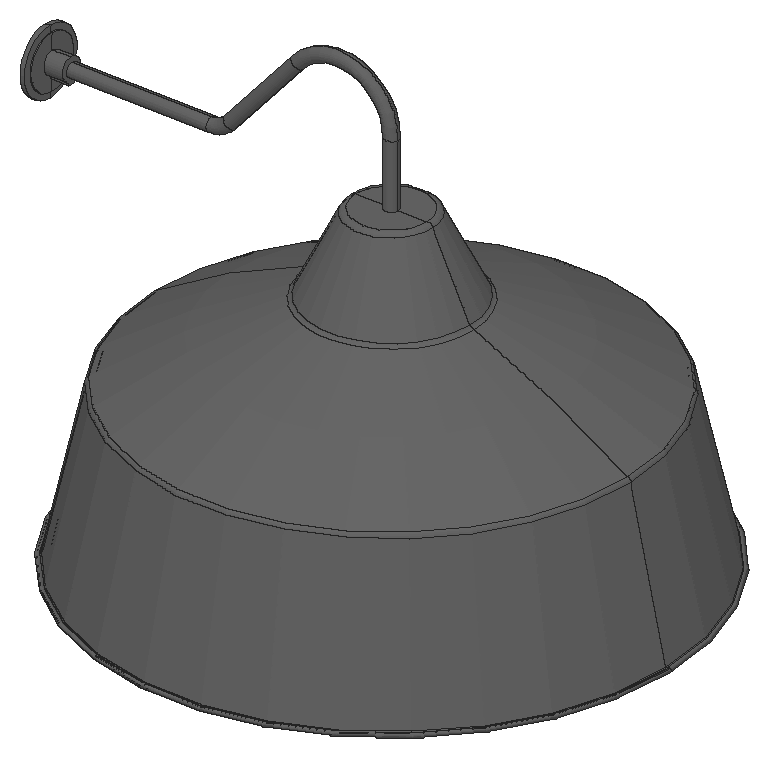
Revit family "OSAB_MB", category Lighting Fixtures, Revit 2020
Family settings
  Round Connector Dimension = Use Diameter
  Part Type = Normal
  OmniClass Number = 23.80.70.00
  OmniClass Title = Lighting
  Work Plane-Based = No
  Always vertical = Yes
  Cut with Voids When Loaded = No
  Light Source = Yes
  Shared = No
  Room Calculation Point = No
Parameters (values of type "OSAB42")
  Weight = "22.0 lb"
  Wattage Comments = "200W"
  Wattage = 2.4 W
  Warranty = "5 year limited warranty"  # constant formula
  built-in parameter 1150110 = 1 (stored number, unit not read)
  Voltage = 277 V
  URL = "https://www.anplighting.com/assets/Uploads/product-attachments/specification-sheets/ANP-Specification-Sheet-RLM-MB-OSAB42.pdf"
  built-in parameter 1114217 = 1 (stored number, unit not read)
  Tilt Angle = 90.00°
  built-in parameter 1150109 = 1 (stored number, unit not read)
  built-in parameter 1150134 = 12
  built-in parameter 1150113 = 1 (stored number, unit not read)
  OSAB42 = yes
  OSAB36 = no
  OSAB24 = no
  Mounting Option [instance] = 2
  Power Factor = 1
  Post Mount [instance] = Mounting Option = 5  # no
  Placement X axis side [instance] = if(Post Mount, 2' 2 15/32", if(Cord or Stem Mount, 0' 0", if(E36 20 inch, 1' 8 1/4", if(E 6 26 inch, 2' 2", if(E7 41 inch, 3' 5 1/4", 0' 1")))))  # 2' - 2"
  Photometric Web File = "OSAB42M037LDNW40K.IES"
  Model = "OSAB42"
  Manufacturer = "ANP Lighting"  # constant formula
  built-in parameter 1150105 = 3000 (stored number, unit not read)
  Lumens = 3000 lm
  built-in parameter 1150115 = 1 (stored number, unit not read)
  Load Classification = Lighting
  Light Source Height [instance] = 0' - 5 55/128"
  built-in parameter 1150137 = (empty or 0)
  built-in parameter 1150139 = (empty or 0)
  Light Elevation_3 [instance] = 0' - 5 55/128"
  Light Elevation _2 [instance] = if(OSAB24, 1' 2 1/256", if(OSAB36, 1' 9", if(OSAB42, 1' 11 125/128", 0' 0")))  # 1' - 11 125/128"
  Light Elevation _1 [instance] = if(Post Mount, 0' 0", if(E7 41 inch, 0' 0", if(E36 20 inch, 0' 1", if(E 6 26 inch, 0' 0.87402", if(Cord or Stem Mount, (0' 3.66142" + Cord Length), 0' 0")))))  # 0' - 0.87402"
  Light Elevation [instance] = if(Post Mount, 14' 0.5315", if(E7 41 inch, 0' 0", 0' 0"))  # 0' - 0"
  Life = "L70 50,000 hours"  # constant formula
  built-in parameter 1150112 = 1 (stored number, unit not read)
  built-in parameter 1150114 = 1 (stored number, unit not read)
  Lamp = "200W MAX MEDIUM BASE"
  Inside body material = INSIDE BODY MATERIAL
  built-in parameter 1150132 = 2
  built-in parameter 1150102 = (empty or 0)
  built-in parameter 1150107 = 4000 (stored number, unit not read)
  built-in parameter 1150138 = (empty or 0)
  built-in parameter 1150106 = 30 (stored number, unit not read)
  GLASS = Glass
  Fixture Height = 2' - 0"
  Fixture Diameter = 3' - 6"
  Efficiency = "65-125 lumens per watt"  # constant formula
  built-in parameter 1150104 = 116.13 (stored number, unit not read)
  E7 41 inch [instance] = Mounting Option = 4  # no
  E36 20 inch [instance] = Mounting Option = 3  # no
  E 6 26 inch [instance] = Mounting Option = 2  # yes
  Dimming Lamp Color Temperature Shift = <None>
  Dimming = "1%"  # constant formula
  Description = "120-277 Voltage"  # constant formula
  Default Elevation = 0' - 0"
  Cord or Stem Mount [instance] = Mounting Option = 1  # no
  Cord Length option [instance] = 10
  Cord Length [instance] = if([2' Cord], 2' 0", if([4' Cord], 4' 0", if([8' Cord], 8' 0", if([10' Cord], 10' 0", if([6' Cord], 6' 0", 6' 0")))))  # 10' - 0"
  Construction Material = "Heavy Duty spun aluminum."  # constant formula
  Color Filter = 16777215
  CRI = ">90"  # constant formula
  Bulb = BULB
  Body Material = body
  Body Colour = "Spun aluminium"  # constant formula
  built-in parameter 1114218 = 1 (stored number, unit not read)
  built-in parameter 1150133 = 10 (stored number, unit not read)
  Apparent Load = 200 VA
  8' Cord [instance] = Cord Length option = 8  # no
  6' Cord [instance] = Cord Length option = 6  # no
  4' Cord [instance] = Cord Length option = 4  # no
  2' Cord [instance] = Cord Length option = 2  # no
  10' Cord [instance] = Cord Length option = 10  # yes
Types (4): name | Weight | URL | OSAB42 | OSAB36 | OSAB24 | Model | Light Elevation _2 | Fixture Height | Fixture Diameter
  (no name) | "22.0 lb" | "https://www.anplighting.com/assets/Uploads/product-attachments/specification-sheets/ANP-Specification-Sheet-RLM-MB-OSAB42.pdf" | yes | no | no | "OSAB42" | 1' - 11 125/128" | 2' - 0" | 3' - 6"
  OSAB24 | "10.5 lb" | "https://www.anplighting.com/assets/Uploads/product-attachments/specification-sheets/ANP-Specification-Sheet-RLM-MB-OSAB24.pdf" | no | no | yes | "OSAB24" | 1' - 2 1/256" | 1' - 2" | 2' - 0"
  OSAB36 | "19.0 lb" | "https://www.anplighting.com/assets/Uploads/product-attachments/specification-sheets/ANP-Specification-Sheet-RLM-MB-OSAB36.pdf" | no | yes | no | "OSAB36" | 1' - 9" | 1' - 9" | 3' - 0"
  OSAB42 | "22.0 lb" | "https://www.anplighting.com/assets/Uploads/product-attachments/specification-sheets/ANP-Specification-Sheet-RLM-MB-OSAB42.pdf" | yes | no | no | "OSAB42" | 1' - 11 125/128" | 2' - 0" | 3' - 6"
Reference planes (in)
  plane 1 "Light Source Axis (F/B)": y = 0
  plane 2: z = 0
  plane 3 "Light Source Axis (L/R)": x = 0
  plane 4 "Light Source Elevation": z = 0
  plane 5: z = 0
  plane 6: x = 26
  plane 7 "Bulb Position": z = -19.42089
  plane 8 "Canopy Position": z = -0.87402
  plane 9 "IES": z = -24.85058
  plane 10: z = -24.85058
Dimensions and locks (in)
  "Light Elevation": plane 5 to plane 2
  "Placement X axis side": plane 6 to plane 3 "Light Source Axis (L/R)"
  "Light Elevation _1": plane 5 to plane 8 "Canopy Position"
  "Light Source Height": plane 7 "Bulb Position" to plane 9 "IES"
  locked: plane 4 "Light Source Elevation" to plane 2
  "Light Elevation _2": plane 8 "Canopy Position" to plane 10
  "Light Elevation_3": plane 7 "Bulb Position" to plane 10
  aligned and locked: level to plane 2
  aligned and locked: plane 1 "Light Source Axis (F/B)" to nested 5
  aligned and locked: nested 5 to plane 2
  aligned and locked: nested 1 to plane 3 "Light Source Axis (L/R)"
  aligned and locked: plane 3 "Light Source Axis (L/R)" to nested 2
  aligned and locked: plane 3 "Light Source Axis (L/R)" to nested 4
  aligned and locked: nested 3 to plane 5
  aligned and locked: plane 3 "Light Source Axis (L/R)" to nested 3
  aligned and locked: plane 3 "Light Source Axis (L/R)" to nested 5
  aligned and locked: plane 1 "Light Source Axis (F/B)" to nested 2
  aligned and locked: plane 1 "Light Source Axis (F/B)" to nested 1
  aligned and locked: plane 1 "Light Source Axis (F/B)" to nested 4
  aligned and locked: plane 1 "Light Source Axis (F/B)" to nested 3
  aligned and locked: plane 2 to nested 1
  aligned and locked: plane 2 to nested 2
  aligned and locked: nested 4 to plane 2
  aligned and locked: imposter light to plane 9 "IES"
  aligned and locked: plane 6 to imposter light
  aligned and locked: plane 1 "Light Source Axis (F/B)" to nested 6
  aligned and locked: plane 1 "Light Source Axis (F/B)" to nested 7
  aligned and locked: plane 1 "Light Source Axis (F/B)" to nested 8
  aligned and locked: nested 6 to plane 8 "Canopy Position"
  aligned and locked: nested 7 to plane 8 "Canopy Position"
  aligned and locked: plane 8 "Canopy Position" to nested 8
  aligned and locked: plane 6 to nested 6
  aligned and locked: plane 6 to nested 7
  aligned and locked: plane 6 to nested 8
Nested families (in)
  nested 1: "CORD OR STEM MOUNT" at (0, 0, -123.67), visible <- "Cord or Stem Mount", Cord or Stem Mount <- "Cord or Stem Mount", Body Material <- "Body Material", Light Elevation <- "Light Elevation", Cord Length <- "Cord Length", 10' Cord <- "10' Cord", 2' Cord <- "2' Cord", 4' Cord <- "4' Cord", 6' Cord <- "6' Cord", 8' Cord <- "8' Cord", type "CORD OR STEM MOUNT"
    with Light Elevation 0' - 0", Cord or Stem Mount no, Cord Length 10' - 0", Body Material body, 8' Cord no, 6' Cord no, 4' Cord no, 2' Cord no, 10' Cord yes
  nested 2: "E6 26 INCH" at (26, 0, 0), visible <- "E 6 26 inch", Chain Length <- "Cord Length", E 6 26 inch <- "E 6 26 inch", Placement X axis side <- "Placement X axis side", Body Material <- "Body Material", Light Elevation <- "Light Elevation", type "E6 26 INCH"
    with Placement X axis side 2' - 2", Light Elevation 0' - 0", E 6 26 inch yes, Chain Length 10' - 0", Body Material body
  nested 3: "E7 41 INCH" at (26, 0, 0), Chain Length <- "Cord Length", visible <- "E7 41 inch", E7 41 inch <- "E7 41 inch", Placement X axis side <- "Placement X axis side", Body Material <- "Body Material", Light Elevation <- "Light Elevation", type "E7 41 INCH"
    with Placement X axis side 2' - 2", Light Elevation 0' - 0", E7 41 inch no, Chain Length 10' - 0", Body Material body
  nested 4: "E36 20 INCH" at (26, 0, 0), visible <- "E36 20 inch", E36 20 inch <- "E36 20 inch", Placement X axis side <- "Placement X axis side", Chain Length <- "Cord Length", Body Material <- "Body Material", Light Elevation <- "Light Elevation", type "E36 20 INCH"
    with Placement X axis side 2' - 2", Light Elevation 0' - 0", E36 20 inch no, Chain Length 10' - 0", Body Material body
  nested 5: "POST MOUNT" at (26, 0, 0), visible <- "Post Mount", Post Mount <- "Post Mount", Placement X axis side <- "Placement X axis side", Chain Length <- "Cord Length", Body Material <- "Body Material", Light Elevation <- "Light Elevation", type "POST MOUNT"
    with Post Mount no, Placement X axis side 2' - 2", Light Elevation 0' - 0", Chain Length 10' - 0", Body Material body
  nested 6: "OSAB24" at (26, 0, -0.87402), OSAB24 <- "OSAB24", visible <- "OSAB24", Body <- "Body Material", Bulb <- "Bulb", INSIDE BODY <- "Inside body material", Light Elevation <- "Light Elevation", type "OSAB24"
    with OSAB24 no, Light Elevation 0' - 0", INSIDE BODY INSIDE BODY MATERIAL, Bulb BULB, Body body
  nested 7: "OSAB36" at (26, 0, -0.87402), INSIDE BODY <- "Inside body material", Bulb <- "Bulb", Body <- "Body Material", visible <- "OSAB36", OSAB36 <- "OSAB36", type "OSAB36"
    with OSAB36 no, INSIDE BODY INSIDE BODY MATERIAL, Bulb BULB, Body body
  nested 8: "OSAB42 A" at (26, 0, -0.87402), visible <- "OSAB42", Body <- "Body Material", Bulb <- "Bulb", INSIDE BODY <- "Inside body material", Light Elevation <- "Light Elevation", OSAB42 <- "OSAB42", type "OSAB42 A"
    with OSAB42 yes, Light Elevation 0' - 0", INSIDE BODY INSIDE BODY MATERIAL, Bulb BULB, Body body
Definition of nested family "E6 26 INCH"
  Parameters (values of type "E6 26 INCH")
    URL = ""
    Placement X axis side [instance] = 2' - 2"
    Model = ""
    Manufacturer = ""
    Light Elevation [instance] = 8' - 4"
    E 6 26 inch [instance] = yes
    Default Elevation = 0' - 0"
    Chain Length [instance] = 0' - 0"
    Body Material [instance] = none
  Reference planes (in)
    plane 1 "Light Source Axis (F/B)": y = 0
    plane 2: z = 0
    plane 3 "Light Source Axis (L/R)": x = 0
    plane 4 "Light Source Elevation": z = 23.125
    plane 5: z = 100
    plane 6: x = -26
    plane 7: z = 99.125
    plane 8: x = -24.12
    plane 9: x = -25.5474
  Forms (in)
    Extrusion 1, void, not visible
      sketch origin (0, 0, 2.38154) x (1, 0, 0) y (0, 0, 1)
        loop
          circle (0, 4.59925) r 0.16583
      from 1.18594 to 1.75
    Extrusion 2, void, not visible
      sketch origin (0, 0, 2.38154) x (0.707107, -0.707107, 0) y (0, 0, 1)
        loop
          circle (0, 4.59925) r 0.16583
      from 1.18594 to 1.75
    Extrusion 3, void, not visible
      sketch origin (0, 0, 2.38154) x (0.707107, 0.707107, 0) y (0, 0, 1)
        loop
          circle (0, 4.59925) r 0.16583
      from 1.18594 to 1.75
    Extrusion 4, void, not visible
      sketch origin (0, 0, 2.38154) x (0, 1, 0) y (0, 0, 1)
        loop
          circle (0, 4.59925) r 0.16583
      from 1.18594 to 1.75
    Extrusion 5, void, not visible
      sketch origin (0, 0, 2.38154) x (-0.707107, 0.707107, 0) y (0, 0, 1)
        loop
          circle (0, 4.59925) r 0.16583
      from 1.18594 to 1.75
    Extrusion 6, void, not visible
      sketch origin (0, 0, 2.38154) x (-1, 0, 0) y (0, 0, 1)
        loop
          circle (0, 4.59925) r 0.20678
      from 1.18594 to 1.75
    Extrusion 7, void, not visible
      sketch origin (0, 0, 2.38154) x (-0.707107, -0.707107, 0) y (0, 0, 1)
        loop
          circle (0, 4.59925) r 0.16583
      from 1.18594 to 1.75
    Extrusion 8, void, not visible
      sketch origin (0, 0, 2.38154) x (0, -1, 0) y (0, 0, 1)
        loop
          circle (0, 4.59925) r 0.16583
      from 1.18594 to 1.75
    Sweep 9, solid, material <- "Body Material", visible <- "E 6 26 inch"
      path origin (-41.25, 0, 168.51693) x (1, 0, 0) y (0, 0, 1)
        loop
          line (17.13, -68.51693) -> (27.68551, -68.51693)
          arc (27.68551, -68.51693) -> (28.47996, -68.34486) -> (29.13202, -67.8595) r 1.92004
          line (29.13202, -67.8595) -> (34.23651, -62.01155)
          arc (34.23651, -62.01155) -> (38.65464, -60.89667) -> (41.25, -64.64193) r 4
          line (41.25, -64.64193) -> (41.25, -69.39193)
      profile origin (-18.84224, 0, 100) x (0, 0, 1) y (0, -1, 0)
        loop
          circle (0, 0) r 0.5
    Revolve 10, solid, material <- "Body Material", visible <- "E 6 26 inch"
      sketch origin (-26, 0, 168.51693) x (1, 0, 0) y (0, 0, 1)
        loop
          line (0, -66.07943) -> (0, -68.51693) -> (1.88, -68.51693) -> (1.88, -67.69272) -> (0.4526, -67.69272) -> (0.4526, -66.54122) -> (0.33125, -66.54122) -> (0.33125, -66.07943) -> (0, -66.07943)
        axis (0, -68.51693) -> (1.88, -68.51693)
      angle from 0 to 360
    Extrusion 11, solid, material <- "Body Material", visible <- "E 6 26 inch"
      sketch origin (-26, 0, 168.51693) x (0, -1, 0) y (0, 0, -1)
        loop
          line (0.25, 68.51693) -> (0.25, 69.51693) -> (-0.25, 69.51693) -> (-0.25, 68.51693) -> (0.25, 68.51693)
      from 0.4526 to 1.88
  Cuts and joins
    joined: Revolve 10, Extrusion 11
  Dimensions and locks (in)
    "Light Elevation": plane 5 to plane 2
    "Placement X axis side": plane 3 "Light Source Axis (L/R)" to plane 6
    locked: plane 5 to plane 7 at 0.875
    Revolve 10 sketch curve to Revolve 10 sketch curve to Revolve 10 sketch curve to plane 6 = 0' - 1.4274" locked, 0' - 0.12135" locked, 0' - 0.33125" locked
    Revolve 10 sketch curve to Revolve 10 sketch curve to Revolve 10 sketch curve to plane 5 = 0' - 0.46179" locked, 0' - 1.1515" locked, 0' - 0 211/256" locked
    locked: Sweep 9 sketch curve to plane 6 at 1.88
    locked: Sweep 9 sketch curve to Sweep 9 sketch curve at 10.55551
    locked: Sweep 9 sketch curve to Sweep 9 sketch curve at 13.56449
    locked: Sweep 9 sketch curve to Sweep 9 sketch curve at 4.75
    locked: plane 9 to plane 6 at 0.4526
    locked: plane 8 to plane 9 at 1.4274
    aligned and locked: level to plane 2
    aligned and locked: Revolve 10 sketch curve to plane 6
    aligned and locked: plane 5 to Revolve 10 sketch curve
    aligned and locked: Revolve 10 sketch curve to plane 5
    aligned and locked: cut or joined group of Revolve 10, Extrusion 11 to plane 9
    aligned and locked: plane 8 to cut or joined group of Revolve 10, Extrusion 11
  Automatic sketch dimensions
    Sweep 9 sketch curve to plane 5 = 0' - 0"
    Sweep 9 sketch curve to Sweep 9 sketch curve = 0' - 4"
    Sweep 9 sketch curve to Sweep 9 sketch curve = 0' - 3.01349"
    plane 5 to Sweep 9 sketch curve = 0' - 0.65743"
    Sweep 9 sketch curve to Sweep 9 sketch curve = 0' - 1.4465"
    Sweep 9 sketch curve to plane 5 = 0' - 0 7/8"
    profile plane to Sweep 9 sketch curve = 0' - 0"
    Sweep 9 sketch curve to profile plane = 0' - 0"
    plane 6 to Revolve 10 sketch curve = 0' - 0.62562"
    Revolve 10 sketch curve to Revolve 10 sketch curve = 0' - 0 1/2"
    Extrusion 11 sketch curve to plane 5 = 0' - 0"
    plane 1 "Light Source Axis (F/B)" to Extrusion 11 sketch curve = 0' - 0 1/4"
    Extrusion 11 sketch curve to plane 1 "Light Source Axis (F/B)" = 0' - 0 1/4"
    plane 5 to Extrusion 11 sketch curve = 0' - 1"
    radius of Sweep 9 sketch curve = 0' - 0 1/2"
Definition of nested family "OSAB42 A"
  Parameters (values of type "OSAB42 A")
    OSAB42 [instance] = yes
    Light Elevation [instance] = 0' - 0"
    INSIDE BODY [instance] = none
    Default Elevation = 0' - 0"
    Bulb [instance] = none
    Body [instance] = none
  Reference planes (in)
    plane 1 "Center (Front/Back)": y = 0
    plane 2: z = 0
    plane 3 "Center (Left/Right)": x = 0
    plane 4: z = 0
  Dimensions and locks (in)
    "Light Elevation": plane 4 to plane 2
    aligned and locked: plane 2 to level
    aligned and locked: plane 3 "Center (Left/Right)" to nested 1
    aligned and locked: plane 1 "Center (Front/Back)" to nested 1
    aligned and locked: nested 1 to plane 4
  Nested families (in)
    nested 1: "OSAB42" at (0, 0, -23.99963), Body <- "Body", visible <- "OSAB42", OSAB42 <- "OSAB42", Bulb <- "Bulb", INSIDE BODY <- "INSIDE BODY", type "OSAB42"
      with OSAB42 yes, Body none
  Definition of nested family "OSAB42"
    Parameters (values of type "OSAB42")
      OSAB42 [instance] = yes
      INSIDE BODY [instance] = none
      Default Elevation = 0' - 0"
      Bulb [instance] = none
      Body [instance] = none
    Reference planes (in)
      plane 1 "Center (Front/Back)": y = 0
      plane 2: z = 0
      plane 3 "Center (Left/Right)": x = 0
    Forms (in)
      Revolve 1, solid, material <- "Body", visible <- "OSAB42"
        sketch origin (0, 0, 0) x (1, 0, 0) y (0, 0, 1)
          loop
            line (-0.13002, 23.92151) -> (-0.13002, 23.99963) -> (-2.67653, 23.99963)
            arc (-2.67653, 23.99963) -> (-2.9394, 23.92496) -> (-3.12375, 23.72324) r 0.5
            line (-3.12375, 23.72324) -> (-5.89732, 18.17609)
            arc (-5.89732, 18.17609) -> (-6.01093, 18.02726) -> (-6.17132, 17.93066) r 0.5
            arc (-6.17132, 17.93066) -> (-12.14773, 15.34703) -> (-17.80899, 12.13103) r 60
            arc (-17.80899, 12.13103) -> (-17.94813, 11.99745) -> (-18.02636, 11.82115) r 0.5
            line (-18.02636, 11.82115) -> (-20.64594, 0.2966)
            arc (-20.64594, 0.2966) -> (-20.71106, 0.16619) -> (-20.82896, 0.08048) r 0.30716
            arc (-20.82896, 0.08048) -> (-20.90241, 0.16536) -> (-20.79213, 0.18627) r 0.06476
            line (-20.79213, 0.18627) -> (-20.73681, 0.24158)
            arc (-20.73681, 0.24158) -> (-20.97843, 0.18402) -> (-20.80551, 0.00572) r 0.14289
            arc (-20.80551, 0.00572) -> (-20.6536, 0.11317) -> (-20.56976, 0.27929) r 0.38528
            line (-20.56976, 0.27929) -> (-17.95018, 11.80383)
            arc (-17.95018, 11.80383) -> (-17.88417, 11.95259) -> (-17.76677, 12.0653) r 0.42188
            arc (-17.76677, 12.0653) -> (-12.11288, 15.27711) -> (-6.14426, 17.85737) r 59.92187
            arc (-6.14426, 17.85737) -> (-5.95881, 17.96907) -> (-5.82744, 18.14115) r 0.57812
            line (-5.82744, 18.14115) -> (-3.05387, 23.6883)
            arc (-3.05387, 23.6883) -> (-2.89833, 23.8585) -> (-2.67653, 23.92151) r 0.42188
            line (-2.67653, 23.92151) -> (-0.13002, 23.92151)
          axis (0, 23.99963) -> (0, 0.00572)
        angle from 0 to 360
      Revolve 2, solid, material <- "INSIDE BODY", visible <- "OSAB42"
        sketch origin (0, 0, 0) x (1, 0, 0) y (0, 0, 1)
          loop
            line (5.8036, 17.88218) -> (5.8036, 17.77496)
            arc (5.8036, 17.77496) -> (11.62062, 15.20582) -> (17.17455, 12.10874) r 68.55526
            arc (17.17455, 12.10874) -> (17.39107, 11.99066) -> (17.55049, 11.80248) r 0.67277
            line (17.55049, 11.80248) -> (20.09653, 0.19408) -> (20.19891, 0.19408) -> (17.64502, 11.83826)
            arc (17.64502, 11.83826) -> (17.4651, 12.05917) -> (17.21736, 12.19986) r 0.77277
            arc (17.21736, 12.19986) -> (11.64267, 15.30655) -> (5.8036, 17.88218) r 68.65526
          axis (0, 0.19408) -> (0, 17.88218)
        angle from 0 to 360
      Revolve 3, solid, material <- "Bulb", visible <- "OSAB42"
        sketch origin (0, 0, -0.00781) x (1, 0, 0) y (0, 0, 1)
          loop
            line (0, 16.00572) -> (0.39063, 16.00572) -> (0.39063, 17.00572) -> (0.15625, 17.00572) -> (0.15625, 17.25572) -> (6.65625, 17.25572) -> (6.65625, 17.37583) -> (0, 17.37583) -> (0, 16.00572)
          axis (0, 16.00572) -> (0, 17.37583)
        angle from 0 to 360
    Dimensions and locks (in)
      Revolve 3 to plane 2 = 1' - 3.99791"
      aligned and locked: plane 2 to level
Definition of nested family "CORD OR STEM MOUNT"
  Parameters (values of type "CORD OR STEM MOUNT")
    URL = ""
    Model = ""
    Manufacturer = ""
    Light Elevation [instance] = 1' - 7.69"
    Default Elevation = 0' - 0"
    Cord or Stem Mount [instance] = yes
    Cord Length [instance] = 6' - 0"
    Body Material [instance] = none
    8' Cord [instance] = no
    6' Cord [instance] = no
    4' Cord [instance] = no
    2' Cord [instance] = no
    10' Cord [instance] = no
  Reference planes (in)
    plane 1 "Light Source Axis (F/B)": y = 0
    plane 2: z = 0
    plane 3 "Light Source Axis (L/R)": x = 0
    plane 4 "Light Source Elevation": z = 23.125
    plane 5: z = 91.69
    plane 6: z = 19.69
  Forms (in)
    Extrusion 1, void, not visible
      sketch origin (0, 0, 2.38154) x (1, 0, 0) y (0, 0, 1)
        loop
          circle (0, 4.59925) r 0.16583
      from 1.18594 to 1.75
    Extrusion 2, void, not visible
      sketch origin (0, 0, 2.38154) x (0.707107, -0.707107, 0) y (0, 0, 1)
        loop
          circle (0, 4.59925) r 0.16583
      from 1.18594 to 1.75
    Extrusion 3, void, not visible
      sketch origin (0, 0, 2.38154) x (0.707107, 0.707107, 0) y (0, 0, 1)
        loop
          circle (0, 4.59925) r 0.16583
      from 1.18594 to 1.75
    Extrusion 4, void, not visible
      sketch origin (0, 0, 2.38154) x (0, 1, 0) y (0, 0, 1)
        loop
          circle (0, 4.59925) r 0.16583
      from 1.18594 to 1.75
    Extrusion 5, void, not visible
      sketch origin (0, 0, 2.38154) x (-0.707107, 0.707107, 0) y (0, 0, 1)
        loop
          circle (0, 4.59925) r 0.16583
      from 1.18594 to 1.75
    Extrusion 6, void, not visible
      sketch origin (0, 0, 2.38154) x (-1, 0, 0) y (0, 0, 1)
        loop
          circle (0, 4.59925) r 0.20678
      from 1.18594 to 1.75
    Extrusion 7, void, not visible
      sketch origin (0, 0, 2.38154) x (-0.707107, -0.707107, 0) y (0, 0, 1)
        loop
          circle (0, 4.59925) r 0.16583
      from 1.18594 to 1.75
    Extrusion 8, void, not visible
      sketch origin (0, 0, 2.38154) x (0, -1, 0) y (0, 0, 1)
        loop
          circle (0, 4.59925) r 0.16583
      from 1.18594 to 1.75
    Revolve 9, solid, material <- "Body Material", visible <- "Cord or Stem Mount"
      sketch origin (0, 0, 174.56698) x (1, 0, 0) y (0, 0, 1)
        loop
          line (2.6875, -79.20698) -> (0, -79.20698) -> (0, -82.87698) -> (0.125, -82.87698) -> (0.125, -82.83698) -> (0.75, -82.83698)
          arc (0.75, -82.83698) -> (0.81694, -82.77004) -> (0.75, -82.7031) r 0.06694
          line (0.75, -82.7031) -> (0.89763, -82.7031) -> (1.00223, -82.5985) -> (1.06587, -82.5985)
          arc (1.06587, -82.5985) -> (1.80099, -82.29401) -> (2.10549, -81.55888) r 1.03962
          line (2.10549, -81.55888) -> (2.10549, -81.03899)
          arc (2.10549, -81.03899) -> (2.12951, -80.981) -> (2.1875, -80.95698) r 0.08201
          line (2.1875, -80.95698) -> (2.1875, -80.70698) -> (2.6875, -80.70698) -> (2.6875, -79.20698)
        axis (0, -79.20698) -> (0, -82.87698)
      angle from 0 to 360
    Revolve 10, solid, material <- "Body Material", visible <- "Cord or Stem Mount"
      sketch origin (0, 0, 0) x (1, 0, 0) y (0, 0, 1)
        loop
          line (0, 91.69) -> (-0.125, 91.69) -> (-0.125, 19.69) -> (0, 19.69) -> (0, 91.69)
        axis (0, 19.69) -> (0, 91.69)
      angle from 0 to 360
  Dimensions and locks (in)
    "Light Elevation": plane 6 to plane 2
    "Cord Length": plane 5 to plane 6
    locked: Revolve 10 sketch curve to Revolve 10 sketch curve at 0.125
    aligned and locked: level to plane 2
    aligned and locked: Revolve 10 sketch curve to plane 3 "Light Source Axis (L/R)"
    aligned and locked: Revolve 10 sketch curve to plane 6
    aligned and locked: Revolve 10 sketch curve to plane 5
    aligned and locked: plane 3 "Light Source Axis (L/R)" to Revolve 10 sketch curve
  Automatic sketch dimensions
    Revolve 9 sketch curve to plane 3 "Light Source Axis (L/R)" = 0' - 0"  (x2)
    Revolve 9 sketch curve to plane 5 = 0' - 0"
    plane 3 "Light Source Axis (L/R)" to Revolve 9 sketch curve = 0' - 0 1/8"
    Revolve 9 sketch curve to plane 5 = 0' - 0.17388"
    Revolve 9 sketch curve to Revolve 9 sketch curve = 0' - 0 5/8"
    Revolve 9 sketch curve to Revolve 9 sketch curve = 0' - 0.14763"
    Revolve 9 sketch curve to plane 5 = 0' - 0.27847"
    Revolve 9 sketch curve to Revolve 9 sketch curve = 0' - 0.1046"
    Revolve 9 sketch curve to Revolve 9 sketch curve = 0' - 0.06364"
    Revolve 9 sketch curve to Revolve 9 sketch curve = 0' - 1.03962"
    Revolve 9 sketch curve to Revolve 9 sketch curve = 0' - 0 21/256"
    Revolve 9 sketch curve to Revolve 9 sketch curve = 0' - 0 1/2"  (x2)
    Revolve 9 sketch curve to Revolve 9 sketch curve = 0' - 0.51989"
    Revolve 9 sketch curve to Revolve 9 sketch curve = 0' - 0 1/4"
    Revolve 9 sketch curve to Revolve 9 sketch curve = 0' - 2.3519"
    Revolve 9 sketch curve to Revolve 9 sketch curve = 0' - 1 1/4"
    Revolve 9 sketch curve to Revolve 9 sketch curve = 0' - 0.04"
    Revolve 10 sketch curve to Revolve 10 sketch curve = 0' - 0 1/2"
    Revolve 10 sketch curve to Revolve 10 sketch curve = 0' - 0.42345"
Definition of nested family "E7 41 INCH"
  Parameters (values of type "E7 41 INCH")
    URL = ""
    Placement X axis side [instance] = 4' - 2"
    Model = ""
    Manufacturer = ""
    Light Elevation [instance] = 8' - 4"
    E7 41 inch [instance] = yes
    Default Elevation = 0' - 0"
    Chain Length [instance] = 0' - 0"
    Body Material [instance] = none
  Reference planes (in)
    plane 1 "Light Source Axis (F/B)": y = 0
    plane 2: z = 0
    plane 3 "Light Source Axis (L/R)": x = 0
    plane 4 "Light Source Elevation": z = 23.125
    plane 5: z = 100
    plane 6: x = -50
  Forms (in)
    Extrusion 1, void, not visible
      sketch origin (0, 0, 2.38154) x (1, 0, 0) y (0, 0, 1)
        loop
          circle (0, 4.59925) r 0.16583
      from 1.18594 to 1.75
    Extrusion 2, void, not visible
      sketch origin (0, 0, 2.38154) x (0.707107, -0.707107, 0) y (0, 0, 1)
        loop
          circle (0, 4.59925) r 0.16583
      from 1.18594 to 1.75
    Extrusion 3, void, not visible
      sketch origin (0, 0, 2.38154) x (0.707107, 0.707107, 0) y (0, 0, 1)
        loop
          circle (0, 4.59925) r 0.16583
      from 1.18594 to 1.75
    Extrusion 4, void, not visible
      sketch origin (0, 0, 2.38154) x (0, 1, 0) y (0, 0, 1)
        loop
          circle (0, 4.59925) r 0.16583
      from 1.18594 to 1.75
    Extrusion 5, void, not visible
      sketch origin (0, 0, 2.38154) x (-0.707107, 0.707107, 0) y (0, 0, 1)
        loop
          circle (0, 4.59925) r 0.16583
      from 1.18594 to 1.75
    Extrusion 6, void, not visible
      sketch origin (0, 0, 2.38154) x (-1, 0, 0) y (0, 0, 1)
        loop
          circle (0, 4.59925) r 0.20678
      from 1.18594 to 1.75
    Extrusion 7, void, not visible
      sketch origin (0, 0, 2.38154) x (-0.707107, -0.707107, 0) y (0, 0, 1)
        loop
          circle (0, 4.59925) r 0.16583
      from 1.18594 to 1.75
    Extrusion 8, void, not visible
      sketch origin (0, 0, 2.38154) x (0, -1, 0) y (0, 0, 1)
        loop
          circle (0, 4.59925) r 0.16583
      from 1.18594 to 1.75
    Revolve 9, solid, material <- "Body Material", visible <- "E7 41 inch"
      sketch origin (-41.25, 0, 168.39193) x (1, 0, 0) y (0, 0, 1)
        loop
          line (-8.75, -66.20443) -> (-8.75, -68.51693) -> (-6.87, -68.51693) -> (-6.87, -67.69272) -> (-8.2974, -67.69272) -> (-8.2974, -66.54122) -> (-8.41875, -66.54122) -> (-8.41875, -66.20443) -> (-8.75, -66.20443)
        axis (-8.75, -68.51693) -> (-6.87, -68.51693)
      angle from 0 to 360
    Extrusion 10, solid, material <- "Body Material", visible <- "E7 41 inch"
      sketch origin (-41.25, 0, 168.39193) x (0, -1, 0) y (0, 0, -1)
        loop
          line (0.25, 68.51693) -> (0.25, 69.51693) -> (-0.25, 69.51693) -> (-0.25, 68.51693) -> (0.25, 68.51693)
      from -8.2974 to -6.87
    Sweep 11, solid, material <- "Body Material", visible <- "E7 41 inch"
      path origin (-41.25, 0, 168.39193) x (1, 0, 0) y (0, 0, 1)
        loop
          line (-6.87, -68.51693) -> (16.04011, -68.51693)
          arc (16.04011, -68.51693) -> (17.864, -68.13651) -> (19.38375, -67.0587) r 4.5625
          line (19.38375, -67.0587) -> (24.70217, -61.33018)
          arc (24.70217, -61.33018) -> (29.64465, -60.20324) -> (32.5, -64.39193) r 4.5
          line (32.5, -64.39193) -> (32.5, -68.39193)
      profile origin (-36.66494, 0, 99.875) x (0, 0, 1) y (0, -1, 0)
        loop
          circle (0, 0) r 0.5
  Dimensions and locks (in)
    "Placement X axis side": plane 3 "Light Source Axis (L/R)" to plane 6
    "Light Elevation": plane 5 to plane 2
    locked: Revolve 9 sketch curve to Revolve 9 sketch curve at 0.33125
    locked: Revolve 9 sketch curve to Revolve 9 sketch curve at 0.4526
    locked: Revolve 9 sketch curve to Revolve 9 sketch curve at 1.88
    locked: Revolve 9 sketch curve to Revolve 9 sketch curve at 0.82421
    locked: Revolve 9 sketch curve to Revolve 9 sketch curve at 1.1515
    locked: Revolve 9 sketch curve to Revolve 9 sketch curve at 0.33679
    locked: plane 5 to Revolve 9 sketch curve at 0.125
    locked: Extrusion 10 sketch curve to Extrusion 10 sketch curve at 0.5
    locked: Extrusion 10 sketch curve to Extrusion 10 sketch curve at 1
    locked: plane 5 to Extrusion 10 sketch curve at 0.125
    locked: plane 5 to Sweep 11 sketch curve at 0.125
    locked: Sweep 11 sketch curve to Sweep 11 sketch curve at 39.37
    locked: Sweep 11 sketch curve to Sweep 11 sketch curve at 4
    locked: plane 6 to Extrusion 10 at 0.4526
    locked: Sweep 11 sketch curve to plane 6 at 1.88
    locked: Extrusion 10 to Extrusion 10 at 1.4274
    aligned and locked: plane 2 to level
    aligned and locked: Revolve 9 sketch curve to plane 6
  Automatic sketch dimensions
    Revolve 9 sketch curve to plane 5 = 0' - 0 1/8"
    plane 6 to Revolve 9 sketch curve = 0' - 0.62562"
    Revolve 9 sketch curve to Revolve 9 sketch curve = 0' - 0 1/2"
    plane 1 "Light Source Axis (F/B)" to Extrusion 10 sketch curve = 0' - 0 1/4"
    Sweep 11 sketch curve to plane 5 = 0' - 0"
    Sweep 11 sketch curve to Sweep 11 sketch curve = 0' - 4 1/2"
    Sweep 11 sketch curve to Sweep 11 sketch curve = 0' - 3.29783"
    plane 5 to Sweep 11 sketch curve = 0' - 1.33323"
    Sweep 11 sketch curve to Sweep 11 sketch curve = 0' - 5.31842"
    Sweep 11 sketch curve to Sweep 11 sketch curve = 0' - 3.34364"
    profile plane to Sweep 11 sketch curve = 0' - 0"
    Sweep 11 sketch curve to profile plane = 0' - 0"
    radius of Sweep 11 sketch curve = 0' - 0 1/2"
Definition of nested family "E36 20 INCH"
  Parameters (values of type "E36 20 INCH")
    URL = ""
    Placement X axis side [instance] = 1' - 8 1/4"
    Model = ""
    Manufacturer = ""
    Light Elevation [instance] = 8' - 4"
    E36 20 inch [instance] = yes
    Default Elevation = 0' - 0"
    Chain Length [instance] = 0' - 0"
    Body Material [instance] = none
  Reference planes (in)
    plane 1 "Light Source Axis (F/B)": y = 0
    plane 2: z = 0
    plane 3 "Light Source Axis (L/R)": x = 0
    plane 4 "Light Source Elevation": z = 23.125
    plane 5: z = 99
    plane 6: x = -20.25
    plane 7: z = 100
    plane 8: x = -18.37008
    plane 9: x = -19.79724
  Forms (in)
    Extrusion 1, void, not visible
      sketch origin (0, 0, 2.38154) x (1, 0, 0) y (0, 0, 1)
        loop
          circle (0, 4.59925) r 0.16583
      from 1.18594 to 1.75
    Extrusion 2, void, not visible
      sketch origin (0, 0, 2.38154) x (0.707107, -0.707107, 0) y (0, 0, 1)
        loop
          circle (0, 4.59925) r 0.16583
      from 1.18594 to 1.75
    Extrusion 3, void, not visible
      sketch origin (0, 0, 2.38154) x (0.707107, 0.707107, 0) y (0, 0, 1)
        loop
          circle (0, 4.59925) r 0.16583
      from 1.18594 to 1.75
    Extrusion 4, void, not visible
      sketch origin (0, 0, 2.38154) x (0, 1, 0) y (0, 0, 1)
        loop
          circle (0, 4.59925) r 0.16583
      from 1.18594 to 1.75
    Extrusion 5, void, not visible
      sketch origin (0, 0, 2.38154) x (-0.707107, 0.707107, 0) y (0, 0, 1)
        loop
          circle (0, 4.59925) r 0.16583
      from 1.18594 to 1.75
    Extrusion 6, void, not visible
      sketch origin (0, 0, 2.38154) x (-1, 0, 0) y (0, 0, 1)
        loop
          circle (0, 4.59925) r 0.20678
      from 1.18594 to 1.75
    Extrusion 7, void, not visible
      sketch origin (0, 0, 2.38154) x (-0.707107, -0.707107, 0) y (0, 0, 1)
        loop
          circle (0, 4.59925) r 0.16583
      from 1.18594 to 1.75
    Extrusion 8, void, not visible
      sketch origin (0, 0, 2.38154) x (0, -1, 0) y (0, 0, 1)
        loop
          circle (0, 4.59925) r 0.16583
      from 1.18594 to 1.75
    Sweep 9, solid, material <- "Body Material", visible <- "E36 20 inch"
      path origin (-41.25, 0, 169.51693) x (1, 0, 0) y (0, 0, 1)
        loop
          line (22.88, -69.51693) -> (28.93827, -69.51693)
          arc (28.93827, -69.51693) -> (29.97705, -69.28152) -> (30.81284, -68.62128) r 2.40953
          line (30.81284, -68.62128) -> (34.13807, -64.50378)
          arc (34.13807, -64.50378) -> (38.58272, -63.24548) -> (41.25, -67.01693) r 4
          line (41.25, -67.01693) -> (41.25, -70.51693)
      profile origin (-15.34086, 0, 100) x (0, 0, 1) y (0, -1, 0)
        loop
          circle (0, 0) r 0.5
    Revolve 10, solid, material <- "Body Material", visible <- "E36 20 inch"
      sketch origin (-20.25, 0, 169.51693) x (1, 0, 0) y (0, 0, 1)
        loop
          line (0, -67.20443) -> (0, -69.51693) -> (1.88, -69.51693) -> (1.88, -68.69272) -> (0.4526, -68.69272) -> (0.4526, -67.54122) -> (0.33125, -67.54122) -> (0.33125, -67.20443) -> (0, -67.20443)
        axis (0, -69.51693) -> (1.88, -69.51693)
      angle from 0 to 360
    Extrusion 11, solid, material <- "Body Material", visible <- "E36 20 inch"
      sketch origin (-20.25, 0, 169.51693) x (0, -1, 0) y (0, 0, -1)
        loop
          line (0.25, 69.51693) -> (0.25, 70.51693) -> (-0.25, 70.51693) -> (-0.25, 69.51693) -> (0.25, 69.51693)
      from 1.87992 to 0.45276
  Cuts and joins
    joined: Revolve 10, Extrusion 11
  Dimensions and locks (in)
    "Light Elevation": plane 7 to plane 2
    "Placement X axis side": plane 3 "Light Source Axis (L/R)" to plane 6
    locked: plane 7 to plane 5 at 1
    Revolve 10 sketch curve to Revolve 10 sketch curve to Revolve 10 sketch curve to plane 7 = 0' - 0.33679" locked, 0' - 1.1515" locked, 0' - 0 211/256" locked
    locked: Sweep 9 sketch curve to plane 6 at 1.88
    locked: Sweep 9 sketch curve to Sweep 9 sketch curve at 6.05827
    locked: Sweep 9 sketch curve to Sweep 9 sketch curve at 12.31173
    locked: Sweep 9 sketch curve to Sweep 9 sketch curve at 3.5
    Revolve 10 sketch curve to Revolve 10 sketch curve to Revolve 10 sketch curve to plane 6 = 0' - 1.4274" locked, 0' - 0.12135" locked, 0' - 0.33125" locked
    locked: plane 9 to plane 6 at 0.45276
    locked: plane 8 to plane 9 at 1.42717
    aligned and locked: level to plane 2
    aligned and locked: plane 7 to Revolve 10 sketch curve
    aligned and locked: Revolve 10 sketch curve to plane 7
    aligned and locked: Revolve 10 sketch curve to plane 6
    aligned and locked: cut or joined group of Revolve 10, Extrusion 11 to plane 9
    aligned and locked: plane 8 to cut or joined group of Revolve 10, Extrusion 11
  Automatic sketch dimensions
    Sweep 9 sketch curve to plane 7 = 0' - 0"
    Sweep 9 sketch curve to plane 5 = 0' - 0"
    Sweep 9 sketch curve to Sweep 9 sketch curve = 0' - 4"
    Sweep 9 sketch curve to plane 7 = 0' - 0.89565"
    Sweep 9 sketch curve to Sweep 9 sketch curve = 0' - 3.32523"
    Sweep 9 sketch curve to Sweep 9 sketch curve = 0' - 1.87457"
    profile plane to Sweep 9 sketch curve = 0' - 0"
    Sweep 9 sketch curve to profile plane = 0' - 0"
    plane 6 to Revolve 10 sketch curve = 0' - 0.62562"
    Revolve 10 sketch curve to Revolve 10 sketch curve = 0' - 0 1/2"
    plane 7 to Extrusion 11 sketch curve = 0' - 0"
    Extrusion 11 sketch curve to plane 5 = 0' - 0"
    plane 1 "Light Source Axis (F/B)" to Extrusion 11 sketch curve = 0' - 0 1/4"
    Extrusion 11 sketch curve to plane 1 "Light Source Axis (F/B)" = 0' - 0 1/4"
    radius of Sweep 9 sketch curve = 0' - 0 1/2"
Definition of nested family "POST MOUNT"
  Parameters (values of type "POST MOUNT")
    URL = ""
    Post Mount [instance] = yes
    Placement X axis side [instance] = 2' - 2 1/2"
    Model = ""
    Manufacturer = ""
    Light Elevation [instance] = 14' - 0.5168"
    Default Elevation = 0' - 0"
    Chain Length [instance] = 0' - 0"
    Body Material [instance] = none
  Reference planes (in)
    plane 1 "Light Source Axis (F/B)": y = 0
    plane 2: z = 0
    plane 3 "Light Source Axis (L/R)": x = 0
    plane 4 "Light Source Elevation": z = 23.125
    plane 5: x = -26.5
    plane 6: z = 168.5168
  Forms (in)
    Extrusion 1, void, not visible
      sketch origin (0, 0, 2.38154) x (1, 0, 0) y (0, 0, 1)
        loop
          circle (0, 4.59925) r 0.16583
      from 1.18594 to 1.75
    Extrusion 2, void, not visible
      sketch origin (0, 0, 2.38154) x (0.707107, -0.707107, 0) y (0, 0, 1)
        loop
          circle (0, 4.59925) r 0.16583
      from 1.18594 to 1.75
    Extrusion 3, void, not visible
      sketch origin (0, 0, 2.38154) x (0.707107, 0.707107, 0) y (0, 0, 1)
        loop
          circle (0, 4.59925) r 0.16583
      from 1.18594 to 1.75
    Extrusion 4, void, not visible
      sketch origin (0, 0, 2.38154) x (0, 1, 0) y (0, 0, 1)
        loop
          circle (0, 4.59925) r 0.16583
      from 1.18594 to 1.75
    Extrusion 5, void, not visible
      sketch origin (0, 0, 2.38154) x (-0.707107, 0.707107, 0) y (0, 0, 1)
        loop
          circle (0, 4.59925) r 0.16583
      from 1.18594 to 1.75
    Extrusion 6, void, not visible
      sketch origin (0, 0, 2.38154) x (-1, 0, 0) y (0, 0, 1)
        loop
          circle (0, 4.59925) r 0.20678
      from 1.18594 to 1.75
    Extrusion 7, void, not visible
      sketch origin (0, 0, 2.38154) x (-0.707107, -0.707107, 0) y (0, 0, 1)
        loop
          circle (0, 4.59925) r 0.16583
      from 1.18594 to 1.75
    Extrusion 8, void, not visible
      sketch origin (0, 0, 2.38154) x (0, -1, 0) y (0, 0, 1)
        loop
          circle (0, 4.59925) r 0.16583
      from 1.18594 to 1.75
    Revolve 9, solid, material <- "Body Material", visible <- "Post Mount"
      sketch origin (-7.90508, 0, 0) x (1, 0, 0) y (0, 0, 1)
        loop
          line (-18.59492, 3.92912) -> (-16.29831, 3.92912) -> (-16.29831, 4.2668) -> (-16.91413, 4.2668) -> (-16.91413, 134.5168) -> (-17.16413, 134.5168) -> (-17.16413, 137.3918) -> (-17.05979, 137.3918)
          arc (-17.05979, 137.3918) -> (-16.93479, 137.5168) -> (-17.05979, 137.6418) r 0.125
          line (-17.05979, 137.6418) -> (-17.48032, 137.6418) -> (-17.48032, 139.0793) -> (-17.73032, 139.0793) -> (-17.73032, 139.5793) -> (-18.59492, 139.5793) -> (-18.59492, 3.92912)
        axis (-18.59492, 139.5793) -> (-18.59492, 3.92912)
      angle from 0 to 360
    Extrusion 10, solid, material <- "Body Material", visible <- "Post Mount"
      sketch origin (0, 0, 0) x (1, 0, 0) y (0, 1, 0)
        loop
          line (-20.5, 5.93079) -> (-32.5, 5.93079) -> (-32.5, -6.06921) -> (-20.5, -6.06921) -> (-20.5, 5.93079)
      from 0 to 3.92912
    Sweep 11, solid, material <- "Body Material", visible <- "Post Mount"
      path origin (0, 0, 48.5) x (1, 0, 0) y (0, 0, 1)
        loop
          line (0, 120.0168) -> (0, 128.0168)
          arc (0, 128.0168) -> (-13.25, 141.2668) -> (-26.5, 128.0168) r 13.25
          line (-26.5, 128.0168) -> (-26.5, 91.0793)
      profile origin (0, 0, 172.5168) x (-1, 0, 0) y (0, -1, 0)
        loop
          circle (0, 0) r 0.5
    Revolve 12, solid, material <- "Body Material", visible <- "Post Mount"
      sketch origin (0, 0, 0) x (1, 0, 0) y (0, 0, 1)
        loop
          line (0, 168.5168) -> (0.75, 168.5168) -> (0.75, 170.7668) -> (0, 170.7668) -> (0, 168.5168)
        axis (0, 170.7668) -> (0, 168.5168)
      angle from 0 to 360
  Cuts and joins
    joined: Revolve 9, Extrusion 10, Sweep 11, Revolve 12
  Dimensions and locks (in)
    "Placement X axis side": plane 3 "Light Source Axis (L/R)" to plane 5
    "Light Elevation": plane 6 to plane 2
    locked: Revolve 12 sketch curve to plane 5 at 26.5  (x2)
    locked: Revolve 9 sketch curve to plane 2 at 3.92912
    locked: Revolve 9 sketch curve to plane 5 at 2.29661
    locked: Revolve 9 sketch curve to plane 5 at 1.68079
    locked: Revolve 9 sketch curve to plane 5 at 1.43079
    locked: Revolve 9 sketch curve to plane 5 at 1.11461
    locked: Revolve 9 sketch curve to plane 5 at 0.86461
    locked: Revolve 9 sketch curve to Revolve 9 sketch curve at 130.58768
    locked: Revolve 9 sketch curve to Revolve 9 sketch curve at 2.875
    locked: Revolve 9 sketch curve to Revolve 9 sketch curve at 0.25
    locked: Revolve 9 sketch curve to Revolve 9 sketch curve at 1.4375
    locked: Revolve 9 sketch curve to Revolve 9 sketch curve at 0.5
    locked: Sweep 11 sketch curve to Sweep 11 sketch curve at 26.5
    locked: Revolve 12 sketch curve to Revolve 12 sketch curve at 0.75
    locked: cut or joined group of Revolve 9, Extrusion 10, Sweep 11, Revolve 12 to plane 2 at 139.5793
    aligned and locked: level to plane 2
    aligned and locked: plane 5 to Sweep 11 sketch curve
    aligned and locked: Revolve 9 sketch curve to plane 5
  Automatic sketch dimensions
    Revolve 9 sketch curve to plane 5 = 0' - 0"
    Revolve 9 sketch curve to Revolve 9 sketch curve = 0' - 0.10434"
    Revolve 9 sketch curve to Revolve 9 sketch curve = 0' - 0.33768"
    Revolve 9 sketch curve to Revolve 9 sketch curve = 0' - 0 1/4"
    Revolve 9 sketch curve to Revolve 9 sketch curve = 0' - 0 7/16"
    Extrusion 10 sketch curve to plane 5 = 0' - 6"
    plane 5 to Extrusion 10 sketch curve = 0' - 6"
    plane 1 "Light Source Axis (F/B)" to Extrusion 10 sketch curve = 0' - 6.06921"
    Extrusion 10 sketch curve to plane 1 "Light Source Axis (F/B)" = 0' - 5.93079"
    Sweep 11 sketch curve to profile plane = 0' - 0"
    profile plane to Sweep 11 sketch curve = 0' - 0"
    Sweep 11 sketch curve to plane 6 = 0' - 0"
    Sweep 11 sketch curve to plane 6 = 0' - 8"
    plane 6 to Sweep 11 sketch curve = 2' - 4 15/16"
    Revolve 12 sketch curve to plane 6 = 0' - 0"
    Revolve 12 sketch curve to plane 6 = 0' - 2 1/4"
    Revolve 12 sketch curve to Revolve 12 sketch curve = 0' - 0 1/2"
    Revolve 12 sketch curve to Revolve 12 sketch curve = 0' - 0"
    radius of Sweep 11 sketch curve = 0' - 0 1/2"
Definition of nested family "OSAB24"
  Parameters (values of type "OSAB24")
    OSAB24 [instance] = yes
    Light Elevation [instance] = 0' - 0"
    INSIDE BODY [instance] = none
    Default Elevation = 0' - 0"
    Bulb [instance] = none
    Body [instance] = none
  Reference planes (in)
    plane 1 "Center (Front/Back)": y = 0
    plane 2: z = 0
    plane 3 "Center (Left/Right)": x = 0
    plane 4: z = 0
  Dimensions and locks (in)
    "Light Elevation": plane 4 to plane 2
    aligned and locked: plane 2 to level
    aligned and locked: plane 3 "Center (Left/Right)" to nested 1
    aligned and locked: plane 1 "Center (Front/Back)" to nested 1
    aligned and locked: plane 4 to nested 1
  Nested families (in)
    nested 1: "Family6" at (0, 0, -14), INSIDE BODY <- "INSIDE BODY", Bulb <- "Bulb", Body <- "Body", visible <- "OSAB24", OSAB24 <- "OSAB24", type "Family6"
      with OSAB24 yes, INSIDE BODY none, Bulb none, Body none
  Definition of nested family "Family6"
    Parameters (values of type "Family6")
      OSAB24 [instance] = yes
      INSIDE BODY [instance] = none
      Default Elevation = 0' - 0"
      Bulb [instance] = none
      Body [instance] = none
    Reference planes (in)
      plane 1 "Center (Front/Back)": y = 0
      plane 2: z = 0
      plane 3 "Center (Left/Right)": x = 0
    Forms (in)
      Revolve 1, solid, material <- "Body", visible <- "OSAB24"
        sketch origin (0, 0, 0) x (1, 0, 0) y (0, 0, 1)
          loop
            line (0.33506, 14) -> (0.33506, 13.9) -> (1.4093, 13.9)
            arc (1.4093, 13.9) -> (1.48767, 13.8779) -> (1.54295, 13.8181) r 0.15
            line (1.54295, 13.8181) -> (3.33311, 10.30472)
            arc (3.33311, 10.30472) -> (3.44159, 10.16011) -> (3.59257, 10.06067) r 0.52698
            arc (3.59257, 10.06067) -> (6.75015, 8.57504) -> (9.81391, 6.90449) r 58.72689
            arc (9.81391, 6.90449) -> (10.03863, 6.70583) -> (10.17093, 6.43663) r 0.77387
            arc (10.17093, 6.43663) -> (10.979, 3.3057) -> (11.72939, 0.16044) r 175.94914
            arc (11.72939, 0.16044) -> (11.76863, 0.09363) -> (11.83914, 0.0615) r 0.12858
            arc (11.83914, 0.0615) -> (11.8792, 0.03968) -> (11.89347, -0.00364) r 0.06196
            line (11.89347, -0.00364) -> (11.99354, -0.00364)
            arc (11.99354, -0.00364) -> (11.95409, 0.10598) -> (11.85126, 0.16076) r 0.16196
            arc (11.85126, 0.16076) -> (11.83559, 0.1679) -> (11.82687, 0.18276) r 0.02858
            arc (11.82687, 0.18276) -> (11.07605, 3.3298) -> (10.26753, 6.46251) r 176.04914
            arc (10.26753, 6.46251) -> (10.11813, 6.76649) -> (9.86437, 6.99083) r 0.87387
            arc (9.86437, 6.99083) -> (6.79539, 8.66422) -> (3.63243, 10.15238) r 58.82689
            arc (3.63243, 10.15238) -> (3.51011, 10.23295) -> (3.42221, 10.35012) r 0.42698
            line (3.42221, 10.35012) -> (1.63205, 13.8635)
            arc (1.63205, 13.8635) -> (1.53992, 13.96316) -> (1.4093, 14) r 0.25
            line (1.4093, 14) -> (0.33506, 14)
          axis (0, -0.00364) -> (0, 14)
        angle from 0 to 360
      Revolve 2, solid, material <- "INSIDE BODY", visible <- "OSAB24"
        sketch origin (0, 0, 0) x (1, 0, 0) y (0, 0, 1)
          loop
            line (3.40585, 10.01104) -> (3.3315, 9.93669) -> (9.69491, 6.69437)
            arc (9.69491, 6.69437) -> (9.94972, 6.46774) -> (10.07295, 6.14976) r 0.72601
            line (10.07295, 6.14976) -> (11.60198, 0.01717) -> (11.70504, 0.01717) -> (10.17129, 6.1687)
            arc (10.17129, 6.1687) -> (10.02995, 6.52752) -> (9.74111, 6.78307) r 0.82601
            line (9.74111, 6.78307) -> (3.40585, 10.01104)
          axis (0, 0.01717) -> (0, 10.01104)
        angle from 0 to 360
      Revolve 3, solid, material <- "Bulb", visible <- "OSAB24"
        sketch origin (0, 0, 0) x (1, 0, 0) y (0, 0, 1)
          loop
            line (0, 6.99636) -> (0.4375, 6.99636) -> (0.4375, 8.24636) -> (0.1875, 8.24636) -> (0.1875, 8.49636) -> (5.4375, 8.49636) -> (5.4375, 8.61602) -> (0, 8.61602) -> (0, 6.99636)
          axis (0, 6.99636) -> (0, 8.61602)
        angle from 0 to 360
    Dimensions and locks (in)
      locked: Revolve 3 to plane 2 at 6.99636
      aligned and locked: plane 2 to level
Definition of nested family "OSAB36"
  Parameters (values of type "OSAB36")
    OSAB36 [instance] = yes
    Light Elevation = 0' - 0"
    INSIDE BODY [instance] = none
    Default Elevation = 0' - 0"
    Bulb [instance] = none
    Body [instance] = none
  Reference planes (in)
    plane 1 "Center (Front/Back)": y = 0
    plane 2: z = 0
    plane 3 "Center (Left/Right)": x = 0
    plane 4: z = 0
  Dimensions and locks (in)
    "Light Elevation": plane 4 to plane 2
    aligned and locked: plane 2 to level
    aligned and locked: plane 3 "Center (Left/Right)" to nested 1
    aligned and locked: plane 1 "Center (Front/Back)" to nested 1
    aligned and locked: plane 4 to nested 1
  Nested families (in)
    nested 1: "Family9" at (0, 0, -21), Bulb <- "Bulb", INSIDE BODY <- "INSIDE BODY", Body <- "Body", visible <- "OSAB36", OSAB36 <- "OSAB36", type "Family9"
      with OSAB36 yes, INSIDE BODY none, Bulb none, Body none
  Definition of nested family "Family9"
    Parameters (values of type "Family9")
      OSAB36 [instance] = yes
      INSIDE BODY [instance] = none
      Default Elevation = 0' - 0"
      Bulb [instance] = none
      Body [instance] = none
    Reference planes (in)
      plane 1 "Center (Front/Back)": y = 0
      plane 2: z = 0
      plane 3 "Center (Left/Right)": x = 0
    Forms (in)
      Revolve 1, solid, material <- "Body", visible <- "OSAB36"
        sketch origin (0, 0, 0) x (1, 0, 0) y (0, 0, 1)
          loop
            line (0.61214, 21) -> (0.61214, 20.9) -> (2.17305, 20.9)
            arc (2.17305, 20.9) -> (2.29132, 20.86609) -> (2.37365, 20.77466) r 0.22318
            line (2.37365, 20.77466) -> (4.68023, 16.04546)
            arc (4.68023, 16.04546) -> (5.14592, 15.43108) -> (5.81007, 15.03962) r 1.99133
            arc (5.81007, 15.03962) -> (10.67146, 12.98878) -> (15.245, 10.35785) r 42.98874
            arc (15.245, 10.35785) -> (15.34015, 10.26492) -> (15.39402, 10.14332) r 0.3519
            line (15.39402, 10.14332) -> (17.56341, 0.74668)
            arc (17.56341, 0.74668) -> (17.59106, 0.58609) -> (17.60046, 0.42367) r 1.4458
            arc (17.60046, 0.42367) -> (17.6423, 0.30669) -> (17.74885, 0.24279) r 0.18443
            arc (17.74885, 0.24279) -> (17.89186, 0.15702) -> (17.94803, 0) r 0.24757
            line (17.94803, 0) -> (18.04803, 0)
            arc (18.04803, 0) -> (17.96918, 0.22045) -> (17.76839, 0.34087) r 0.34757
            arc (17.76839, 0.34087) -> (17.71962, 0.37012) -> (17.70046, 0.42355) r 0.08443
            arc (17.70046, 0.42355) -> (17.69041, 0.59748) -> (17.66084, 0.76918) r 1.5458
            line (17.66084, 0.76918) -> (15.49146, 10.16582)
            arc (15.49146, 10.16582) -> (15.42228, 10.32198) -> (15.30009, 10.44131) r 0.4519
            arc (15.30009, 10.44131) -> (10.71591, 13.07836) -> (5.84321, 15.13396) r 43.08874
            arc (5.84321, 15.13396) -> (5.21241, 15.50577) -> (4.77011, 16.0893) r 1.89133
            line (4.77011, 16.0893) -> (2.46353, 20.81849)
            arc (2.46353, 20.81849) -> (2.34431, 20.95089) -> (2.17305, 21) r 0.32318
            line (2.17305, 21) -> (0.61214, 21)
          axis (0, 0) -> (0, 21)
        angle from 0 to 360
      Revolve 2, solid, material <- "INSIDE BODY", visible <- "OSAB36"
        sketch origin (0, 0, 0) x (1, 0, 0) y (0, 0, 1)
          loop
            line (5.33277, 15.20776) -> (5.29834, 15.11388)
            arc (5.29834, 15.11388) -> (10.28245, 12.96435) -> (14.99672, 10.27408) r 48.75079
            arc (14.99672, 10.27408) -> (15.1712, 10.21805) -> (15.24095, 10.04858) r 0.21752
            arc (15.24095, 10.04858) -> (16.32524, 5.19561) -> (17.48438, 0.35998) r 321.84256
            arc (17.48438, 0.35998) -> (17.5235, 0.24378) -> (17.58102, 0.13549) r 0.75058
            arc (17.58102, 0.13549) -> (17.69257, 0.03387) -> (17.83999, 0.00165) r 0.29147
            line (17.83999, 0.00165) -> (17.83999, 0.10181)
            arc (17.83999, 0.10181) -> (17.74057, 0.12164) -> (17.66521, 0.18946) r 0.19147
            arc (17.66521, 0.18946) -> (17.61535, 0.28332) -> (17.58144, 0.38404) r 0.65058
            arc (17.58144, 0.38404) -> (16.42398, 5.21249) -> (15.34116, 10.05823) r 321.74256
            arc (15.34116, 10.05823) -> (15.24816, 10.28275) -> (15.02364, 10.37575) r 0.31752
            arc (15.02364, 10.37575) -> (10.31251, 13.06111) -> (5.33277, 15.20776) r 48.85079
          axis (0, 0.00165) -> (0, 15.20776)
        angle from 0 to 360
      Revolve 3, solid, material <- "Bulb", visible <- "OSAB36"
        sketch origin (0, 0, 0) x (1, 0, 0) y (0, 0, 1)
          loop
            line (0, 13) -> (0.5, 13) -> (0.5, 14) -> (0.16779, 14) -> (0.16779, 14.25) -> (6.34962, 14.25) -> (6.34962, 14.419) -> (0, 14.419) -> (0, 14.25) -> (0, 13)
          axis (0, 14.419) -> (0, 13)
        angle from 0 to 360
    Dimensions and locks (in)
      locked: Revolve 3 to plane 2 at 13
      aligned and locked: plane 2 to level
